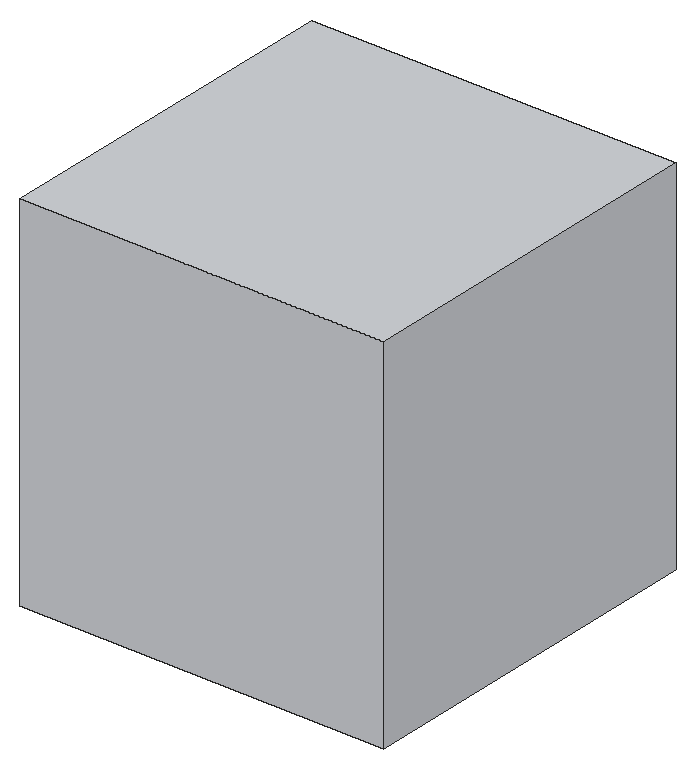
Revit family "Codex_Face_Hosted", category Generic Models, host Face, Revit 2025
Family settings
  Host = Face
  Can host rebar = No
  Round Connector Dimension = Use Diameter
  Part Type = Normal
  Cut with Voids When Loaded = No
  Maintain Annotation Orientation = No
  Shared = No
  Room Calculation Point = No
Parameters (values of type "Codex_Face_Hosted")
  Default Elevation = 4' - 0"
Reference planes (in)
  plane 1 "Center (Front/Back)": y = 0
  plane 2: z = 0
  plane 3 "Center (Left/Right)": x = 0
Forms (in)
  Extrusion 1, solid
    sketch origin (0, 0, 0) x (1, 0, 0) y (0, 1, 0)
      loop
        line (0, 0) -> (12, 0) -> (12, 12) -> (0, 12) -> (0, 0)
    from 0 to 12
Dimensions and locks (in)
  aligned and locked: plane 2 to host face
  aligned and locked: level to host face
